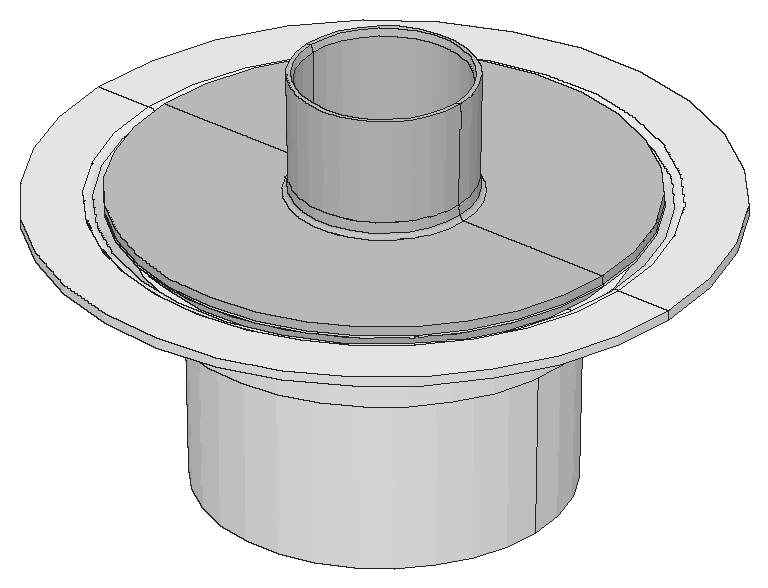
Revit family "3000.115 & 116 DPJ 65x150", category Plumbing Fixtures, Revit 2019
Family settings
  Round Connector Dimension = Use Diameter
  Part Type = Normal
  OmniClass Number = 23.45.00.00
  Work Plane-Based = No
  Always vertical = Yes
  Cut with Voids When Loaded = No
  Shared = No
  Room Calculation Point = No
Parameters (values of type "DPJ 65x150nv")
  Waste Connection = yes
  Vent Connection = no
  V = not(NV)  # no
  URL = "www.aquaknight.co.nz"
  Phone = "+6498322214"  # constant formula
  NV = yes
  Model = "3000.116"
  Manufacturer = "Aquanight Industries Ltd"  # constant formula
  Inlet = 27.5 mm
  HW Connection = no
  Email = "info@aquaknight.co.nz"  # constant formula
  Description = "DownPipe Junction 65x150 non-vented"
  CW Connection = no
Types (2, lengths in mm): name | V | NV | Model | Inlet | Description
  DPJ 65x150v | yes | no | "3000.115" | 25.5 | "DownPipe Junction 65x150 vented"
  DPJ 65x150nv | no | yes | "3000.116" | 27.5 | "DownPipe Junction 65x150 non-vented"
Reference planes
  plane 1 "Center (Front/Back)": y = 0
  plane 2: z = 0
  plane 3 "Center (Left/Right)": x = 0
  plane 4: z = -82.169
  plane 5: z = 27.5
Forms (mm)
  Revolve 1, solid, material "Plastic, Glossy White"
    sketch origin (0, 0, -4) x (1, 0, 0) y (0, 0, 1)
      loop
        line (100.065, -12.627) -> (84.899, -12.627) -> (84.899, -34.638) -> (78.498, -34.638)
        arc (78.498, -34.638) -> (74.999, -36.066) -> (73.499, -39.535) r 5
        line (73.499, -39.535) -> (71.887, -117.73) -> (75.352, -117.73) -> (76.937, -41.191)
        arc (76.937, -41.191) -> (77.704, -39.405) -> (79.503, -38.669) r 2.566
        line (79.503, -38.669) -> (88.828, -38.669) -> (88.828, -19.345) -> (100.327, -19.345)
        arc (100.327, -19.345) -> (102.992, -18.242) -> (104.095, -15.577) r 3.768
        line (104.095, -15.577) -> (104.095, -11.777) -> (115.842, -0.031) -> (141.078, -0.031) -> (141.078, 4) -> (116.336, 4)
        arc (116.336, 4) -> (114.328, 3.584) -> (112.65, 2.404) r 5.052
        line (112.65, 2.404) -> (100.065, -10.108) -> (100.065, -12.627)
      loop
        line (84.5, -5) -> (100.5, -5) -> (108.637, 3.137) -> (108.637, 4) -> (100.25, 4) -> (100.25, -0.5) -> (84.5, -0.5) -> (84.5, -5)
      axis (0, 4) -> (0, -117.73)
    angle from 0 to 360
  Extrusion 2, solid, material "Plastic, Glossy White", detail levels fine
    sketch origin (0, 0, -4) x (1, 0, 0) y (0, 1, 0)
      loop
        circle (67.55, 0) r 8.2
      loop
        circle (33.775, 58.5) r 8.2
      loop
        circle (33.775, -58.5) r 8.2
      loop
        circle (-67.55, 0) r 8.2
      loop
        circle (-33.775, 58.5) r 8.2
      loop
        circle (-33.775, -58.5) r 8.2
    from -38.379 to -12.5
  Extrusion 3, void
    sketch origin (0, -279.02, 0) x (1, 0, 0) y (0, 1, 0)
      loop
        arc (-7.008, 319.417) -> (-5.635, 318.478) -> (-4.58, 319.764) r 1.231
        line (-4.58, 319.764) -> (-5.899, 343.907)
        arc (-5.899, 343.907) -> (-9.212, 343.52) -> (-12.5, 342.964) r 65.154
        line (-12.5, 342.964) -> (-7.008, 319.417)
      loop
        arc (-13.917, 317.586) -> (-12.401, 316.9) -> (-11.586, 318.35) r 1.231
        line (-11.586, 318.35) -> (-17.077, 341.896)
        arc (-17.077, 341.896) -> (-20.272, 340.94) -> (-23.414, 339.822) r 65.154
        line (-23.414, 339.822) -> (-13.917, 317.586)
      loop
        arc (-26.268, 310.501) -> (-24.609, 310.374) -> (-24.338, 312.015) r 1.231
        line (-24.338, 312.015) -> (-37.552, 332.264)
        arc (-37.552, 332.264) -> (-40.227, 330.273) -> (-42.797, 328.147) r 65.154
        line (-42.797, 328.147) -> (-26.268, 310.501)
      loop
        arc (-31.336, 305.461) -> (-29.68, 305.624) -> (-29.698, 307.288) r 1.231
        line (-29.698, 307.288) -> (-46.227, 324.934)
        arc (-46.227, 324.934) -> (-48.516, 322.509) -> (-50.678, 319.969) r 65.154
        line (-50.678, 319.969) -> (-31.336, 305.461)
      loop
        arc (-20.402, 314.584) -> (-18.791, 314.171) -> (-18.239, 315.74) r 1.231
        line (-18.239, 315.74) -> (-27.736, 337.976)
        arc (-27.736, 337.976) -> (-30.716, 336.479) -> (-33.616, 334.832) r 65.154
        line (-33.616, 334.832) -> (-20.402, 314.584)
      loop
        arc (-35.451, 299.618) -> (-33.849, 300.066) -> (-34.156, 301.701) r 1.231
        line (-34.156, 301.701) -> (-53.498, 316.209)
        arc (-53.498, 316.209) -> (-55.331, 313.423) -> (-57.019, 310.547) r 65.154
        line (-57.019, 310.547) -> (-35.451, 299.618)
      loop
        arc (-38.489, 293.149) -> (-36.989, 293.869) -> (-37.575, 295.426) r 1.231
        line (-37.575, 295.426) -> (-59.143, 306.354)
        arc (-59.143, 306.354) -> (-60.464, 303.292) -> (-61.627, 300.167) r 65.154
        line (-61.627, 300.167) -> (-38.489, 293.149)
      loop
        arc (-41, 279.133) -> (-39.837, 280.322) -> (-40.92, 281.585) r 1.231
        line (-40.92, 281.585) -> (-64.925, 284.478)
        arc (-64.925, 284.478) -> (-65.119, 281.149) -> (-65.143, 277.814) r 65.154
        line (-65.143, 277.814) -> (-41, 279.133)
      loop
        arc (-40.397, 272.012) -> (-39.458, 273.385) -> (-40.744, 274.44) r 1.231
        line (-40.744, 274.44) -> (-64.887, 273.121)
        arc (-64.887, 273.121) -> (-64.5, 269.808) -> (-63.944, 266.52) r 65.154
        line (-63.944, 266.52) -> (-40.397, 272.012)
      loop
        arc (-40.358, 286.251) -> (-39.006, 287.22) -> (-39.853, 288.652) r 1.231
        line (-39.853, 288.652) -> (-62.991, 295.669)
        arc (-62.991, 295.669) -> (-63.761, 292.424) -> (-64.363, 289.144) r 65.154
        line (-64.363, 289.144) -> (-40.358, 286.251)
      loop
        arc (-38.566, 265.103) -> (-37.88, 266.619) -> (-39.33, 267.435) r 1.231
        line (-39.33, 267.435) -> (-62.876, 261.943)
        arc (-62.876, 261.943) -> (-61.92, 258.748) -> (-60.802, 255.606) r 65.154
        line (-60.802, 255.606) -> (-38.566, 265.103)
      loop
        arc (-35.564, 258.618) -> (-35.151, 260.229) -> (-36.72, 260.781) r 1.231
        line (-36.72, 260.781) -> (-58.956, 251.284)
        arc (-58.956, 251.284) -> (-57.459, 248.304) -> (-55.812, 245.404) r 65.154
        line (-55.812, 245.404) -> (-35.564, 258.618)
      loop
        arc (-26.441, 247.684) -> (-26.604, 249.34) -> (-28.268, 249.322) r 1.231
        line (-28.268, 249.322) -> (-45.914, 232.793)
        arc (-45.914, 232.793) -> (-43.489, 230.504) -> (-40.949, 228.342) r 65.154
        line (-40.949, 228.342) -> (-26.441, 247.684)
      loop
        arc (-20.598, 243.569) -> (-21.046, 245.171) -> (-22.681, 244.864) r 1.231
        line (-22.681, 244.864) -> (-37.189, 225.522)
        arc (-37.189, 225.522) -> (-34.403, 223.689) -> (-31.527, 222.001) r 65.154
        line (-31.527, 222.001) -> (-20.598, 243.569)
      loop
        arc (-31.481, 252.752) -> (-31.354, 254.411) -> (-32.995, 254.682) r 1.231
        line (-32.995, 254.682) -> (-53.244, 241.468)
        arc (-53.244, 241.468) -> (-51.253, 238.793) -> (-49.127, 236.223) r 65.154
        line (-49.127, 236.223) -> (-31.481, 252.752)
      loop
        arc (-14.129, 240.531) -> (-14.849, 242.031) -> (-16.406, 241.445) r 1.231
        line (-16.406, 241.445) -> (-27.334, 219.877)
        arc (-27.334, 219.877) -> (-24.272, 218.556) -> (-21.147, 217.393) r 65.154
        line (-21.147, 217.393) -> (-14.129, 240.531)
      loop
        arc (-7.231, 238.662) -> (-8.2, 240.014) -> (-9.632, 239.167) r 1.231
        line (-9.632, 239.167) -> (-16.649, 216.029)
        arc (-16.649, 216.029) -> (-13.404, 215.26) -> (-10.124, 214.657) r 65.154
        line (-10.124, 214.657) -> (-7.231, 238.662)
      loop
        arc (7.008, 238.623) -> (5.635, 239.562) -> (4.58, 238.276) r 1.231
        line (4.58, 238.276) -> (5.899, 214.133)
        arc (5.899, 214.133) -> (9.212, 214.52) -> (12.5, 215.076) r 65.154
        line (12.5, 215.076) -> (7.008, 238.623)
      loop
        arc (13.917, 240.454) -> (12.401, 241.14) -> (11.586, 239.69) r 1.231
        line (11.586, 239.69) -> (17.077, 216.144)
        arc (17.077, 216.144) -> (20.272, 217.1) -> (23.414, 218.218) r 65.154
        line (23.414, 218.218) -> (13.917, 240.454)
      loop
        arc (-0.113, 238.02) -> (-1.302, 239.183) -> (-2.565, 238.1) r 1.231
        line (-2.565, 238.1) -> (-5.458, 214.095)
        arc (-5.458, 214.095) -> (-2.129, 213.901) -> (1.206, 213.877) r 65.154
        line (1.206, 213.877) -> (-0.113, 238.02)
      loop
        arc (20.402, 243.456) -> (18.791, 243.869) -> (18.239, 242.3) r 1.231
        line (18.239, 242.3) -> (27.736, 220.064)
        arc (27.736, 220.064) -> (30.716, 221.561) -> (33.616, 223.208) r 65.154
        line (33.616, 223.208) -> (20.402, 243.456)
      loop
        arc (26.268, 247.539) -> (24.609, 247.666) -> (24.338, 246.025) r 1.231
        line (24.338, 246.025) -> (37.552, 225.776)
        arc (37.552, 225.776) -> (40.227, 227.767) -> (42.797, 229.893) r 65.154
        line (42.797, 229.893) -> (26.268, 247.539)
      loop
        arc (35.451, 258.422) -> (33.849, 257.974) -> (34.156, 256.339) r 1.231
        line (34.156, 256.339) -> (53.498, 241.831)
        arc (53.498, 241.831) -> (55.331, 244.617) -> (57.019, 247.493) r 65.154
        line (57.019, 247.493) -> (35.451, 258.422)
      loop
        arc (38.489, 264.891) -> (36.989, 264.171) -> (37.575, 262.614) r 1.231
        line (37.575, 262.614) -> (59.143, 251.686)
        arc (59.143, 251.686) -> (60.464, 254.748) -> (61.627, 257.873) r 65.154
        line (61.627, 257.873) -> (38.489, 264.891)
      loop
        arc (31.336, 252.579) -> (29.68, 252.416) -> (29.698, 250.752) r 1.231
        line (29.698, 250.752) -> (46.227, 233.106)
        arc (46.227, 233.106) -> (48.516, 235.532) -> (50.678, 238.071) r 65.154
        line (50.678, 238.071) -> (31.336, 252.579)
      loop
        arc (40.358, 271.789) -> (39.006, 270.82) -> (39.853, 269.389) r 1.231
        line (39.853, 269.389) -> (62.991, 262.371)
        arc (62.991, 262.371) -> (63.761, 265.616) -> (64.363, 268.896) r 65.154
        line (64.363, 268.896) -> (40.358, 271.789)
      loop
        arc (41, 278.907) -> (39.837, 277.718) -> (40.92, 276.455) r 1.231
        line (40.92, 276.455) -> (64.925, 273.562)
        arc (64.925, 273.562) -> (65.119, 276.892) -> (65.143, 280.226) r 65.154
        line (65.143, 280.226) -> (41, 278.907)
      loop
        arc (38.566, 292.937) -> (37.88, 291.422) -> (39.33, 290.606) r 1.231
        line (39.33, 290.606) -> (62.876, 296.097)
        arc (62.876, 296.097) -> (61.92, 299.292) -> (60.802, 302.434) r 65.154
        line (60.802, 302.434) -> (38.566, 292.937)
      loop
        arc (35.564, 299.422) -> (35.151, 297.811) -> (36.72, 297.259) r 1.231
        line (36.72, 297.259) -> (58.956, 306.756)
        arc (58.956, 306.756) -> (57.459, 309.736) -> (55.812, 312.636) r 65.154
        line (55.812, 312.636) -> (35.564, 299.422)
      loop
        arc (40.397, 286.028) -> (39.458, 284.655) -> (40.744, 283.6) r 1.231
        line (40.744, 283.6) -> (64.887, 284.919)
        arc (64.887, 284.919) -> (64.5, 288.232) -> (63.944, 291.52) r 65.154
        line (63.944, 291.52) -> (40.397, 286.028)
      loop
        arc (31.481, 305.288) -> (31.354, 303.629) -> (32.995, 303.358) r 1.231
        line (32.995, 303.358) -> (53.244, 316.572)
        arc (53.244, 316.572) -> (51.253, 319.247) -> (49.127, 321.817) r 65.154
        line (49.127, 321.817) -> (31.481, 305.288)
      loop
        arc (26.441, 310.356) -> (26.604, 308.7) -> (28.268, 308.718) r 1.231
        line (28.268, 308.718) -> (45.914, 325.247)
        arc (45.914, 325.247) -> (43.489, 327.536) -> (40.949, 329.698) r 65.154
        line (40.949, 329.698) -> (26.441, 310.356)
      loop
        arc (14.129, 317.509) -> (14.849, 316.009) -> (16.406, 316.595) r 1.231
        line (16.406, 316.595) -> (27.334, 338.163)
        arc (27.334, 338.163) -> (24.272, 339.484) -> (21.147, 340.647) r 65.154
        line (21.147, 340.647) -> (14.129, 317.509)
      loop
        arc (7.231, 319.378) -> (8.2, 318.026) -> (9.632, 318.873) r 1.231
        line (9.632, 318.873) -> (16.649, 342.011)
        arc (16.649, 342.011) -> (13.404, 342.781) -> (10.124, 343.383) r 65.154
        line (10.124, 343.383) -> (7.231, 319.378)
      loop
        arc (20.598, 314.471) -> (21.046, 312.869) -> (22.681, 313.176) r 1.231
        line (22.681, 313.176) -> (37.189, 332.518)
        arc (37.189, 332.518) -> (34.403, 334.351) -> (31.527, 336.039) r 65.154
        line (31.527, 336.039) -> (20.598, 314.471)
      loop
        arc (0.113, 320.02) -> (1.302, 318.857) -> (2.565, 319.94) r 1.231
        line (2.565, 319.94) -> (5.458, 343.945)
        arc (5.458, 343.945) -> (2.129, 344.139) -> (-1.206, 344.163) r 65.154
        line (-1.206, 344.163) -> (0.113, 320.02)
    from -4 to 0
  Revolve 4, solid, visible <- "V"
    sketch origin (0, 0, 0) x (1, 0, 0) y (0, 0, 1)
      loop
        line (35.265, 47.895) -> (34.646, 0.577)
        arc (34.646, 0.577) -> (34.512, -0.061) -> (34.149, -0.601) r 1.698
        line (34.149, -0.601) -> (31.114, -3.636) -> (30.815, -7.06) -> (30.901, -8.048) -> (32.328, -8.048) -> (35.18, -4.5) -> (99.5, -4.5) -> (99.5, -0.5) -> (39.535, -0.5)
        arc (39.535, -0.5) -> (38.124, 0.07) -> (37.505, 1.46) r 2.031
        line (37.505, 1.46) -> (37.316, 5.895) -> (37.905, 50.895) -> (36.111, 50.895) -> (35.265, 47.895)
      axis (0, 50.895) -> (0, -8.048)
    angle from 0 to 360
  Revolve 5, solid, material "Stainless Steel", visible <- "NV"
    sketch origin (0, 0, 0) x (1, 0, 0) y (0, 0, 1)
      loop
        line (-37.905, 55.395) -> (-37.316, 10.395) -> (-37.51, 5.83)
        arc (-37.51, 5.83) -> (-38.119, 4.461) -> (-39.508, 3.9) r 2
        line (-39.508, 3.9) -> (-108.5, 3.9) -> (-108.5, 0) -> (-35.187, 0) -> (-32.109, -3.54) -> (-31.114, -3.54) -> (-31.114, 0.864) -> (-34.637, 4.387) -> (-35.265, 52.395) -> (-36.111, 55.395) -> (-37.905, 55.395)
      axis (0, 55.395) -> (0, -3.54)
    angle from 0 to 360
  Extrusion 6, void
    sketch origin (-225, -279.02, 0) x (1, 0, 0) y (0, 1, 0)
      loop
        arc (208.456, 346.887) -> (210.622, 347.379) -> (212.803, 347.801) r 69.854
        line (212.803, 347.801) -> (209.225, 372.853)
        arc (209.225, 372.853) -> (205.416, 372.133) -> (201.639, 371.258) r 95.15
        line (201.639, 371.258) -> (208.456, 346.887)
      loop
        arc (199.739, 344.147) -> (201.823, 344.917) -> (203.93, 345.621) r 69.854
        line (203.93, 345.621) -> (197.112, 369.992)
        arc (197.112, 369.992) -> (193.43, 368.78) -> (189.799, 367.419) r 95.15
        line (189.799, 367.419) -> (199.739, 344.147)
      loop
        arc (191.454, 340.292) -> (193.42, 341.328) -> (195.417, 342.301) r 69.854
        line (195.417, 342.301) -> (185.477, 365.573)
        arc (185.477, 365.573) -> (181.984, 363.891) -> (178.562, 362.068) r 95.15
        line (178.562, 362.068) -> (191.454, 340.292)
      loop
        arc (183.744, 335.39) -> (185.557, 336.673) -> (187.41, 337.898) r 69.854
        line (187.41, 337.898) -> (174.518, 359.674)
        arc (174.518, 359.674) -> (171.274, 357.55) -> (168.119, 355.296) r 95.15
        line (168.119, 355.296) -> (183.744, 335.39)
      loop
        arc (176.739, 329.522) -> (178.369, 331.031) -> (180.047, 332.488) r 69.854
        line (180.047, 332.488) -> (164.422, 352.395)
        arc (164.422, 352.395) -> (161.483, 349.866) -> (158.65, 347.219) r 95.15
        line (158.65, 347.219) -> (176.739, 329.522)
      loop
        arc (170.56, 322.791) -> (171.979, 324.5) -> (173.452, 326.163) r 69.854
        line (173.452, 326.163) -> (155.363, 343.86)
        arc (155.363, 343.86) -> (152.779, 340.969) -> (150.315, 337.976) r 95.15
        line (150.315, 337.976) -> (170.56, 322.791)
      loop
        arc (165.312, 315.311) -> (166.497, 317.19) -> (167.74, 319.031) r 69.854
        line (167.74, 319.031) -> (147.495, 334.216)
        arc (147.495, 334.216) -> (145.311, 331.012) -> (143.259, 327.723) r 95.15
        line (143.259, 327.723) -> (165.312, 315.311)
      loop
        arc (161.086, 307.209) -> (162.015, 309.227) -> (163.007, 311.215) r 69.854
        line (163.007, 311.215) -> (140.954, 323.627)
        arc (140.954, 323.627) -> (139.206, 320.166) -> (137.601, 316.637) r 95.15
        line (137.601, 316.637) -> (161.086, 307.209)
      loop
        arc (157.954, 298.626) -> (158.611, 300.748) -> (159.335, 302.848) r 69.854
        line (159.335, 302.848) -> (135.851, 312.275)
        arc (135.851, 312.275) -> (134.57, 308.616) -> (133.439, 304.907) r 95.15
        line (133.439, 304.907) -> (157.954, 298.626)
      loop
        arc (155.968, 289.707) -> (156.343, 291.896) -> (156.787, 294.073) r 69.854
        line (156.787, 294.073) -> (132.273, 300.354)
        arc (132.273, 300.354) -> (131.48, 296.559) -> (130.844, 292.735) r 95.15
        line (130.844, 292.735) -> (155.968, 289.707)
      loop
        arc (155.164, 280.605) -> (155.25, 282.825) -> (155.406, 285.041) r 69.854
        line (155.406, 285.041) -> (130.281, 288.069)
        arc (130.281, 288.069) -> (129.991, 284.202) -> (129.859, 280.327) r 95.15
        line (129.859, 280.327) -> (155.164, 280.605)
      loop
        arc (155.554, 271.476) -> (155.35, 273.688) -> (155.215, 275.905) r 69.854
        line (155.215, 275.905) -> (129.91, 275.628)
        arc (129.91, 275.628) -> (130.128, 271.757) -> (130.502, 267.898) r 95.15
        line (130.502, 267.898) -> (155.554, 271.476)
      loop
        arc (157.133, 262.476) -> (156.642, 264.642) -> (156.219, 266.823) r 69.854
        line (156.219, 266.823) -> (131.167, 263.245)
        arc (131.167, 263.245) -> (131.887, 259.436) -> (132.762, 255.659) r 95.15
        line (132.762, 255.659) -> (157.133, 262.476)
      loop
        arc (159.873, 253.759) -> (159.103, 255.843) -> (158.399, 257.95) r 69.854
        line (158.399, 257.95) -> (134.029, 251.132)
        arc (134.029, 251.132) -> (135.24, 247.45) -> (136.601, 243.819) r 95.15
        line (136.601, 243.819) -> (159.873, 253.759)
      loop
        arc (163.728, 245.474) -> (162.692, 247.44) -> (161.719, 249.437) r 69.854
        line (161.719, 249.437) -> (138.447, 239.497)
        arc (138.447, 239.497) -> (140.129, 236.004) -> (141.952, 232.582) r 95.15
        line (141.952, 232.582) -> (163.728, 245.474)
      loop
        arc (168.631, 237.764) -> (167.347, 239.577) -> (166.122, 241.43) r 69.854
        line (166.122, 241.43) -> (144.346, 228.538)
        arc (144.346, 228.538) -> (146.47, 225.294) -> (148.724, 222.139) r 95.15
        line (148.724, 222.139) -> (168.631, 237.764)
      loop
        arc (174.498, 230.759) -> (172.989, 232.389) -> (171.532, 234.067) r 69.854
        line (171.532, 234.067) -> (151.625, 218.442)
        arc (151.625, 218.442) -> (154.154, 215.503) -> (156.801, 212.67) r 95.15
        line (156.801, 212.67) -> (174.498, 230.759)
      loop
        arc (181.229, 224.58) -> (179.52, 225.999) -> (177.857, 227.472) r 69.854
        line (177.857, 227.472) -> (160.16, 209.383)
        arc (160.16, 209.383) -> (163.051, 206.799) -> (166.045, 204.335) r 95.15
        line (166.045, 204.335) -> (181.229, 224.58)
      loop
        arc (188.709, 219.333) -> (186.83, 220.517) -> (184.989, 221.76) r 69.854
        line (184.989, 221.76) -> (169.804, 201.515)
        arc (169.804, 201.515) -> (173.008, 199.331) -> (176.297, 197.279) r 95.15
        line (176.297, 197.279) -> (188.709, 219.333)
      loop
        arc (196.811, 215.106) -> (194.793, 216.035) -> (192.805, 217.027) r 69.854
        line (192.805, 217.027) -> (180.393, 194.974)
        arc (180.393, 194.974) -> (183.854, 193.227) -> (187.383, 191.622) r 95.15
        line (187.383, 191.622) -> (196.811, 215.106)
      loop
        arc (205.394, 211.974) -> (203.272, 212.631) -> (201.172, 213.355) r 69.854
        line (201.172, 213.355) -> (191.745, 189.871)
        arc (191.745, 189.871) -> (195.404, 188.59) -> (199.113, 187.459) r 95.15
        line (199.113, 187.459) -> (205.394, 211.974)
      loop
        arc (214.313, 209.988) -> (212.124, 210.363) -> (209.947, 210.807) r 69.854
        line (209.947, 210.807) -> (203.666, 186.293)
        arc (203.666, 186.293) -> (207.461, 185.5) -> (211.285, 184.864) r 95.15
        line (211.285, 184.864) -> (214.313, 209.988)
      loop
        arc (223.415, 209.184) -> (221.195, 209.27) -> (218.979, 209.426) r 69.854
        line (218.979, 209.426) -> (215.951, 184.301)
        arc (215.951, 184.301) -> (219.818, 184.011) -> (223.693, 183.879) r 95.15
        line (223.693, 183.879) -> (223.415, 209.184)
      loop
        arc (232.544, 209.574) -> (230.332, 209.37) -> (228.115, 209.235) r 69.854
        line (228.115, 209.235) -> (228.392, 183.93)
        arc (228.392, 183.93) -> (232.263, 184.148) -> (236.122, 184.522) r 95.15
        line (236.122, 184.522) -> (232.544, 209.574)
      loop
        arc (241.544, 211.153) -> (239.378, 210.662) -> (237.197, 210.239) r 69.854
        line (237.197, 210.239) -> (240.775, 185.187)
        arc (240.775, 185.187) -> (244.584, 185.907) -> (248.361, 186.782) r 95.15
        line (248.361, 186.782) -> (241.544, 211.153)
      loop
        arc (250.261, 213.893) -> (248.177, 213.123) -> (246.07, 212.419) r 69.854
        line (246.07, 212.419) -> (252.888, 188.049)
        arc (252.888, 188.049) -> (256.57, 189.26) -> (260.201, 190.621) r 95.15
        line (260.201, 190.621) -> (250.261, 213.893)
      loop
        arc (258.546, 217.748) -> (256.58, 216.712) -> (254.583, 215.739) r 69.854
        line (254.583, 215.739) -> (264.523, 192.467)
        arc (264.523, 192.467) -> (268.016, 194.149) -> (271.438, 195.972) r 95.15
        line (271.438, 195.972) -> (258.546, 217.748)
      loop
        arc (266.256, 222.651) -> (264.443, 221.367) -> (262.59, 220.142) r 69.854
        line (262.59, 220.142) -> (275.482, 198.366)
        arc (275.482, 198.366) -> (278.726, 200.49) -> (281.881, 202.744) r 95.15
        line (281.881, 202.744) -> (266.256, 222.651)
      loop
        arc (273.261, 228.518) -> (271.631, 227.009) -> (269.953, 225.552) r 69.854
        line (269.953, 225.552) -> (285.578, 205.645)
        arc (285.578, 205.645) -> (288.517, 208.174) -> (291.35, 210.821) r 95.15
        line (291.35, 210.821) -> (273.261, 228.518)
      loop
        arc (279.44, 235.249) -> (278.021, 233.54) -> (276.548, 231.877) r 69.854
        line (276.548, 231.877) -> (294.637, 214.18)
        arc (294.637, 214.18) -> (297.221, 217.071) -> (299.685, 220.065) r 95.15
        line (299.685, 220.065) -> (279.44, 235.249)
      loop
        arc (284.688, 242.73) -> (283.503, 240.85) -> (282.26, 239.009) r 69.854
        line (282.26, 239.009) -> (302.505, 223.824)
        arc (302.505, 223.824) -> (304.689, 227.028) -> (306.741, 230.317) r 95.15
        line (306.741, 230.317) -> (284.688, 242.73)
      loop
        arc (288.914, 250.831) -> (287.985, 248.813) -> (286.993, 246.825) r 69.854
        line (286.993, 246.825) -> (309.046, 234.413)
        arc (309.046, 234.413) -> (310.794, 237.874) -> (312.399, 241.403) r 95.15
        line (312.399, 241.403) -> (288.914, 250.831)
      loop
        arc (275.502, 327.281) -> (277.011, 325.651) -> (278.468, 323.973) r 69.854
        line (278.468, 323.973) -> (298.375, 339.598)
        arc (298.375, 339.598) -> (295.846, 342.537) -> (293.199, 345.37) r 95.15
        line (293.199, 345.37) -> (275.502, 327.281)
      loop
        arc (268.771, 333.46) -> (270.48, 332.041) -> (272.143, 330.568) r 69.854
        line (272.143, 330.568) -> (289.84, 348.657)
        arc (289.84, 348.657) -> (286.949, 351.241) -> (283.955, 353.705) r 95.15
        line (283.955, 353.705) -> (268.771, 333.46)
      loop
        arc (261.291, 338.708) -> (263.17, 337.523) -> (265.011, 336.28) r 69.854
        line (265.011, 336.28) -> (280.196, 356.525)
        arc (280.196, 356.525) -> (276.992, 358.709) -> (273.703, 360.761) r 95.15
        line (273.703, 360.761) -> (261.291, 338.708)
      loop
        arc (253.189, 342.934) -> (255.207, 342.005) -> (257.195, 341.013) r 69.854
        line (257.195, 341.013) -> (269.607, 363.066)
        arc (269.607, 363.066) -> (266.146, 364.814) -> (262.617, 366.419) r 95.15
        line (262.617, 366.419) -> (253.189, 342.934)
      loop
        arc (244.606, 346.066) -> (246.728, 345.409) -> (248.828, 344.685) r 69.854
        line (248.828, 344.685) -> (258.255, 368.169)
        arc (258.255, 368.169) -> (254.596, 369.45) -> (250.887, 370.581) r 95.15
        line (250.887, 370.581) -> (244.606, 346.066)
      loop
        arc (235.687, 348.052) -> (237.876, 347.677) -> (240.053, 347.233) r 69.854
        line (240.053, 347.233) -> (246.334, 371.747)
        arc (246.334, 371.747) -> (242.539, 372.54) -> (238.715, 373.177) r 95.15
        line (238.715, 373.177) -> (235.687, 348.052)
      loop
        arc (226.585, 348.856) -> (228.805, 348.77) -> (231.021, 348.614) r 69.854
        line (231.021, 348.614) -> (234.049, 373.739)
        arc (234.049, 373.739) -> (230.182, 374.029) -> (226.307, 374.161) r 95.15
        line (226.307, 374.161) -> (226.585, 348.856)
      loop
        arc (217.456, 348.466) -> (219.668, 348.67) -> (221.885, 348.805) r 69.854
        line (221.885, 348.805) -> (221.608, 374.11)
        arc (221.608, 374.11) -> (217.737, 373.892) -> (213.878, 373.518) r 95.15
        line (213.878, 373.518) -> (217.456, 348.466)
      loop
        arc (292.046, 259.414) -> (291.389, 257.292) -> (290.665, 255.192) r 69.854
        line (290.665, 255.192) -> (314.149, 245.765)
        arc (314.149, 245.765) -> (315.43, 249.424) -> (316.561, 253.133) r 95.15
        line (316.561, 253.133) -> (292.046, 259.414)
      loop
        arc (294.032, 268.333) -> (293.657, 266.144) -> (293.213, 263.967) r 69.854
        line (293.213, 263.967) -> (317.727, 257.686)
        arc (317.727, 257.686) -> (318.52, 261.481) -> (319.156, 265.305) r 95.15
        line (319.156, 265.305) -> (294.032, 268.333)
      loop
        arc (294.836, 277.435) -> (294.75, 275.215) -> (294.594, 273) r 69.854
        line (294.594, 273) -> (319.719, 269.972)
        arc (319.719, 269.972) -> (320.009, 273.838) -> (320.141, 277.713) r 95.15
        line (320.141, 277.713) -> (294.836, 277.435)
      loop
        arc (294.446, 286.564) -> (294.65, 284.352) -> (294.785, 282.135) r 69.854
        line (294.785, 282.135) -> (320.09, 282.412)
        arc (320.09, 282.412) -> (319.872, 286.283) -> (319.498, 290.142) r 95.15
        line (319.498, 290.142) -> (294.446, 286.564)
      loop
        arc (292.867, 295.564) -> (293.358, 293.398) -> (293.781, 291.217) r 69.854
        line (293.781, 291.217) -> (318.833, 294.795)
        arc (318.833, 294.795) -> (318.113, 298.604) -> (317.238, 302.381) r 95.15
        line (317.238, 302.381) -> (292.867, 295.564)
      loop
        arc (290.127, 304.281) -> (290.897, 302.197) -> (291.601, 300.09) r 69.854
        line (291.601, 300.09) -> (315.971, 306.908)
        arc (315.971, 306.908) -> (314.76, 310.591) -> (313.399, 314.221) r 95.15
        line (313.399, 314.221) -> (290.127, 304.281)
      loop
        arc (286.272, 312.566) -> (287.308, 310.6) -> (288.281, 308.603) r 69.854
        line (288.281, 308.603) -> (311.553, 318.543)
        arc (311.553, 318.543) -> (309.871, 322.036) -> (308.048, 325.458) r 95.15
        line (308.048, 325.458) -> (286.272, 312.566)
      loop
        arc (281.369, 320.276) -> (282.653, 318.463) -> (283.878, 316.61) r 69.854
        line (283.878, 316.61) -> (305.654, 329.503)
        arc (305.654, 329.503) -> (303.53, 332.746) -> (301.276, 335.901) r 95.15
        line (301.276, 335.901) -> (281.369, 320.276)
    from -4 to 0
Cuts and joins
  Extrusion 3, Extrusion 6 cuts Revolve 4
  Extrusion 6 cuts Revolve 5
Lines and regions (mm)
  Masking region 1
    outline origin (0, 0, 0) x (1, 0, 0) y (0, 1, 0)
      loop
        circle (0, 0) r 141.078
  symbolic lines, detail levels fine
    curve 1: circle (0, 132.524, 0) r 4.294 normal (0, 0, 1)
    curve 2: circle (-93.709, 93.709, 0) r 4.294 normal (0, 0, 1)
    curve 3: circle (-132.524, 0, 0) r 4.294 normal (0, 0, 1)
    curve 4: circle (-93.709, -93.709, 0) r 4.294 normal (0, 0, 1)
    curve 5: circle (0, -132.524, 0) r 4.294 normal (0, 0, 1)
    curve 6: circle (93.709, -93.709, 0) r 4.294 normal (0, 0, 1)
    curve 7: circle (132.524, 0, 0) r 4.294 normal (0, 0, 1)
    curve 8: circle (93.709, 93.709, 0) r 4.294 normal (0, 0, 1)
  symbolic lines
    curve 9: circle (0, 0, 0) r 32.5 normal (0, 0, 1)
    curve 12: circle (0, 0, 0) r 115.842 normal (0, 0, 1)
  symbolic lines, visible <- "V"
    curve 10: circle (0, 0, 0) r 41.001 normal (0, 0, 1)
    curve 11: circle (0, 0, 0) r 95.15 normal (0, 0, 1)
Dimensions and locks
  locked: connector elem to plane 1 "Center (Front/Back)" at 0
  locked: connector elem to plane 3 "Center (Left/Right)" at 0
  "Inlet": plane 5 to level
  cut or joined group of Revolve 5, Extrusion 6 to level = 55.395 mm
  cut or joined group of Extrusion 3, Revolve 4, Extrusion 6 to level = 50.895 mm
  locked: connector elem to plane 1 "Center (Front/Back)"
  aligned and locked: level to plane 2
  aligned and locked: Revolve 4 sketch curve to plane 3 "Center (Left/Right)"
  aligned and locked: Revolve 5 sketch curve to plane 3 "Center (Left/Right)"
Automatic sketch dimensions
  Revolve 1 sketch curve to plane 3 "Center (Left/Right)" = 0 mm
  Revolve 1 sketch curve to level = 0 mm  (x2)
  Revolve 1 sketch curve to plane 4 = 39.561 mm
  plane 3 "Center (Left/Right)" to Revolve 1 sketch curve = 71.887 mm
  plane 3 "Center (Left/Right)" to Revolve 1 sketch curve = 73.499 mm
  Revolve 1 sketch curve to Revolve 1 sketch curve = 3.466 mm
  Revolve 1 sketch curve to Revolve 1 sketch curve = 3.439 mm
  Revolve 1 sketch curve to Revolve 1 sketch curve = 1.561 mm
  Revolve 1 sketch curve to Revolve 1 sketch curve = 1.005 mm
  Revolve 1 sketch curve to level = 4.5 mm
  Revolve 1 sketch curve to Revolve 1 sketch curve = 6.002 mm
  Revolve 1 sketch curve to Revolve 1 sketch curve = 6.401 mm
  Revolve 1 sketch curve to Revolve 1 sketch curve = 3.929 mm
  Revolve 1 sketch curve to Revolve 1 sketch curve = 11.237 mm
  Revolve 1 sketch curve to Revolve 1 sketch curve = 0.185 mm
  Revolve 1 sketch curve to Revolve 1 sketch curve = 0.263 mm
  Revolve 1 sketch curve to Revolve 1 sketch curve = 0.25 mm
  Revolve 1 sketch curve to Revolve 1 sketch curve = 4.031 mm
  Revolve 1 sketch curve to level = 0.863 mm
  Revolve 1 sketch curve to Revolve 1 sketch curve = 8.387 mm
  Revolve 1 sketch curve to level = 1.596 mm
  Revolve 1 sketch curve to Revolve 1 sketch curve = 4.013 mm
  Revolve 1 sketch curve to Revolve 1 sketch curve = 3.192 mm
  Revolve 1 sketch curve to Revolve 1 sketch curve = 0.494 mm
  Revolve 1 sketch curve to level = 4.031 mm
  Revolve 1 sketch curve to Revolve 1 sketch curve = 24.742 mm
  Revolve 1 sketch curve to Revolve 1 sketch curve = 40.735 mm
  Revolve 1 sketch curve to Revolve 1 sketch curve = 0.044 mm
  Revolve 1 sketch curve to Revolve 1 sketch curve = 0.969 mm
  Revolve 1 sketch curve to Revolve 1 sketch curve = 18.845 mm
  Revolve 1 sketch curve to Revolve 1 sketch curve = 6.718 mm
  Revolve 1 sketch curve to Revolve 1 sketch curve = 3.8 mm
  Revolve 1 sketch curve to Revolve 1 sketch curve = 2.519 mm
  Revolve 1 sketch curve to Revolve 1 sketch curve = 4.5 mm
  Revolve 1 sketch curve to Revolve 1 sketch curve = 322.37 mm
  level to Revolve 1 sketch curve = 2441.244 mm
  plane 1 "Center (Front/Back)" to Extrusion 2 sketch curve = 0 mm  (x2)
  Extrusion 2 sketch curve to plane 3 "Center (Left/Right)" = 67.55 mm
  Extrusion 2 sketch curve to plane 3 "Center (Left/Right)" = 33.775 mm  (x2)
  plane 3 "Center (Left/Right)" to Extrusion 2 sketch curve = 33.775 mm  (x2)
  Extrusion 2 sketch curve to Extrusion 2 sketch curve = 33.775 mm
  plane 1 "Center (Front/Back)" to Extrusion 2 sketch curve = 58.5 mm  (x2)
  Extrusion 2 sketch curve to plane 1 "Center (Front/Back)" = 58.5 mm  (x2)
  Extrusion 3 sketch curve to Extrusion 3 sketch curve = 0 mm  (x70)
  plane 1 "Center (Front/Back)" to Extrusion 3 sketch curve = 0 mm
  Extrusion 3 sketch curve to plane 3 "Center (Left/Right)" = 0 mm
  Extrusion 3 sketch curve to plane 3 "Center (Left/Right)" = 0.113 mm
  Extrusion 3 sketch curve to plane 3 "Center (Left/Right)" = 1.206 mm
  Extrusion 3 sketch curve to Extrusion 3 sketch curve = 1.229 mm  (x4)
  Extrusion 3 sketch curve to Extrusion 3 sketch curve = 1.222 mm  (x4)
  Extrusion 3 sketch curve to plane 3 "Center (Left/Right)" = 4.58 mm
  Extrusion 3 sketch curve to plane 3 "Center (Left/Right)" = 5.458 mm
  Extrusion 3 sketch curve to Extrusion 3 sketch curve = 4.693 mm  (x2)
  Extrusion 3 sketch curve to Extrusion 3 sketch curve = 1.199 mm  (x4)
  Extrusion 3 sketch curve to Extrusion 3 sketch curve = 4.666 mm  (x4)
  Extrusion 3 sketch curve to Extrusion 3 sketch curve = 1.178 mm  (x4)
  Extrusion 3 sketch curve to Extrusion 3 sketch curve = 4.577 mm  (x4)
  Extrusion 3 sketch curve to Extrusion 3 sketch curve = 1.132 mm  (x5)
  Extrusion 3 sketch curve to Extrusion 3 sketch curve = 4.498 mm  (x4)
  Extrusion 3 sketch curve to Extrusion 3 sketch curve = 1.098 mm  (x5)
  Extrusion 3 sketch curve to Extrusion 3 sketch curve = 4.322 mm  (x4)
  Extrusion 3 sketch curve to Extrusion 3 sketch curve = 1.031 mm  (x5)
  Extrusion 3 sketch curve to Extrusion 3 sketch curve = 4.192 mm  (x4)
  Extrusion 3 sketch curve to Extrusion 3 sketch curve = 0.985 mm  (x5)
  Extrusion 3 sketch curve to Extrusion 3 sketch curve = 3.936 mm  (x6)
  Extrusion 3 sketch curve to Extrusion 3 sketch curve = 0.899 mm  (x6)
  Extrusion 3 sketch curve to Extrusion 3 sketch curve = 3.76 mm  (x6)
  Extrusion 3 sketch curve to Extrusion 3 sketch curve = 6.188 mm  (x2)
  Extrusion 3 sketch curve to Extrusion 3 sketch curve = 0.842 mm  (x6)
  Extrusion 3 sketch curve to Extrusion 3 sketch curve = 3.43 mm  (x8)
  Extrusion 3 sketch curve to Extrusion 3 sketch curve = 0.739 mm  (x6)
  Extrusion 3 sketch curve to Extrusion 3 sketch curve = 3.213 mm  (x8)
  Extrusion 3 sketch curve to Extrusion 3 sketch curve = 0.673 mm  (x6)
  Extrusion 3 sketch curve to Extrusion 3 sketch curve = 2.82 mm  (x8)
  Extrusion 3 sketch curve to plane 1 "Center (Front/Back)" = 20.598 mm
  Extrusion 3 sketch curve to Extrusion 3 sketch curve = 0.557 mm  (x6)
  Extrusion 3 sketch curve to Extrusion 3 sketch curve = 2.569 mm  (x8)
  plane 1 "Center (Front/Back)" to Extrusion 3 sketch curve = 18.239 mm
  Extrusion 3 sketch curve to Extrusion 3 sketch curve = 0.484 mm  (x6)
  Extrusion 3 sketch curve to plane 1 "Center (Front/Back)" = 16.406 mm
  Extrusion 3 sketch curve to Extrusion 3 sketch curve = 2.124 mm  (x8)
  Extrusion 3 sketch curve to plane 1 "Center (Front/Back)" = 14.129 mm
  Extrusion 3 sketch curve to Extrusion 3 sketch curve = 0.357 mm  (x6)
  plane 1 "Center (Front/Back)" to Extrusion 3 sketch curve = 13.917 mm
  Extrusion 3 sketch curve to Extrusion 3 sketch curve = 1.846 mm  (x8)
  plane 1 "Center (Front/Back)" to Extrusion 3 sketch curve = 11.586 mm
  Extrusion 3 sketch curve to Extrusion 3 sketch curve = 0.28 mm  (x6)
  Extrusion 3 sketch curve to plane 1 "Center (Front/Back)" = 9.632 mm
  Extrusion 3 sketch curve to Extrusion 3 sketch curve = 1.364 mm  (x8)
  Extrusion 3 sketch curve to plane 1 "Center (Front/Back)" = 7.231 mm
  Extrusion 3 sketch curve to Extrusion 3 sketch curve = 0.147 mm  (x3)
  plane 1 "Center (Front/Back)" to Extrusion 3 sketch curve = 7.008 mm
  Extrusion 3 sketch curve to Extrusion 3 sketch curve = 1.067 mm  (x8)
  plane 1 "Center (Front/Back)" to Extrusion 3 sketch curve = 4.58 mm
  Extrusion 3 sketch curve to Extrusion 3 sketch curve = 0.067 mm  (x6)
  Extrusion 3 sketch curve to plane 1 "Center (Front/Back)" = 2.565 mm
  Extrusion 3 sketch curve to Extrusion 3 sketch curve = 0.562 mm  (x8)
  Extrusion 3 sketch curve to plane 1 "Center (Front/Back)" = 0.113 mm
  Extrusion 3 sketch curve to Extrusion 3 sketch curve = 0.08 mm  (x3)
  Extrusion 3 sketch curve to Extrusion 3 sketch curve = 5.245 mm  (x2)
  Extrusion 3 sketch curve to Extrusion 3 sketch curve = 4.965 mm  (x2)
  Extrusion 3 sketch curve to Extrusion 3 sketch curve = 4.451 mm  (x2)
  Extrusion 3 sketch curve to Extrusion 3 sketch curve = 4.117 mm  (x2)
  Extrusion 3 sketch curve to plane 1 "Center (Front/Back)" = 31.527 mm
  Extrusion 3 sketch curve to Extrusion 3 sketch curve = 3.521 mm  (x2)
  plane 1 "Center (Front/Back)" to Extrusion 3 sketch curve = 27.736 mm
  Extrusion 3 sketch curve to Extrusion 3 sketch curve = 3.143 mm  (x2)
  Extrusion 3 sketch curve to plane 1 "Center (Front/Back)" = 27.334 mm
  plane 1 "Center (Front/Back)" to Extrusion 3 sketch curve = 23.414 mm
  Extrusion 3 sketch curve to plane 1 "Center (Front/Back)" = 21.147 mm
  plane 1 "Center (Front/Back)" to Extrusion 3 sketch curve = 17.077 mm
  Extrusion 3 sketch curve to plane 1 "Center (Front/Back)" = 16.649 mm
  plane 1 "Center (Front/Back)" to Extrusion 3 sketch curve = 12.5 mm
  Extrusion 3 sketch curve to plane 1 "Center (Front/Back)" = 10.124 mm
  plane 1 "Center (Front/Back)" to Extrusion 3 sketch curve = 5.899 mm
  Extrusion 3 sketch curve to plane 1 "Center (Front/Back)" = 5.458 mm
  plane 1 "Center (Front/Back)" to Extrusion 3 sketch curve = 1.206 mm
  plane 3 "Center (Left/Right)" to Extrusion 3 sketch curve = 0.113 mm
  plane 3 "Center (Left/Right)" to Extrusion 3 sketch curve = 1.206 mm
  plane 3 "Center (Left/Right)" to Extrusion 3 sketch curve = 4.58 mm
  plane 3 "Center (Left/Right)" to Extrusion 3 sketch curve = 5.458 mm
  Extrusion 3 sketch curve to Extrusion 3 sketch curve = 6.525 mm
  plane 1 "Center (Front/Back)" to Extrusion 3 sketch curve = 20.598 mm
  Extrusion 3 sketch curve to plane 1 "Center (Front/Back)" = 18.239 mm
  Extrusion 3 sketch curve to Extrusion 3 sketch curve = 5.662 mm  (x2)
  plane 1 "Center (Front/Back)" to Extrusion 3 sketch curve = 16.406 mm
  plane 1 "Center (Front/Back)" to Extrusion 3 sketch curve = 14.129 mm
  Extrusion 3 sketch curve to plane 1 "Center (Front/Back)" = 13.917 mm
  Extrusion 3 sketch curve to plane 1 "Center (Front/Back)" = 11.586 mm
  plane 1 "Center (Front/Back)" to Extrusion 3 sketch curve = 9.632 mm
  plane 1 "Center (Front/Back)" to Extrusion 3 sketch curve = 7.231 mm
  Extrusion 3 sketch curve to plane 1 "Center (Front/Back)" = 7.008 mm
  Extrusion 3 sketch curve to plane 1 "Center (Front/Back)" = 4.58 mm
  plane 1 "Center (Front/Back)" to Extrusion 3 sketch curve = 2.565 mm
  plane 1 "Center (Front/Back)" to Extrusion 3 sketch curve = 0.113 mm
  plane 1 "Center (Front/Back)" to Extrusion 3 sketch curve = 31.527 mm
  Extrusion 3 sketch curve to plane 1 "Center (Front/Back)" = 27.736 mm
  plane 1 "Center (Front/Back)" to Extrusion 3 sketch curve = 27.334 mm
  Extrusion 3 sketch curve to plane 1 "Center (Front/Back)" = 23.414 mm
  plane 1 "Center (Front/Back)" to Extrusion 3 sketch curve = 21.147 mm
  Extrusion 3 sketch curve to plane 1 "Center (Front/Back)" = 17.077 mm
  plane 1 "Center (Front/Back)" to Extrusion 3 sketch curve = 16.649 mm
  Extrusion 3 sketch curve to plane 1 "Center (Front/Back)" = 12.5 mm
  plane 1 "Center (Front/Back)" to Extrusion 3 sketch curve = 10.124 mm
  Extrusion 3 sketch curve to plane 1 "Center (Front/Back)" = 5.899 mm
  plane 1 "Center (Front/Back)" to Extrusion 3 sketch curve = 5.458 mm
  Extrusion 3 sketch curve to plane 1 "Center (Front/Back)" = 1.206 mm
  Extrusion 3 sketch curve to Extrusion 3 sketch curve = 18.623 mm
  Extrusion 3 sketch curve to Extrusion 3 sketch curve = 23.402 mm
  Extrusion 3 sketch curve to Extrusion 3 sketch curve = 24.075 mm
  Extrusion 3 sketch curve to Extrusion 3 sketch curve = 0.256 mm
  Extrusion 3 sketch curve to Extrusion 3 sketch curve = 2.083 mm
  Extrusion 3 sketch curve to Extrusion 3 sketch curve = 2.163 mm
  Revolve 4 sketch curve to level = 7.06 mm
  plane 3 "Center (Left/Right)" to Revolve 4 sketch curve = 30.815 mm
  Revolve 4 sketch curve to Revolve 4 sketch curve = 0.086 mm
  Revolve 4 sketch curve to level = 3.636 mm
  Revolve 4 sketch curve to Revolve 4 sketch curve = 0.3 mm
  Revolve 4 sketch curve to level = 8.048 mm
  Revolve 4 sketch curve to Revolve 4 sketch curve = 1.426 mm
  level to Revolve 4 sketch curve = 0.599 mm
  Revolve 4 sketch curve to Revolve 4 sketch curve = 1.834 mm
  Revolve 4 sketch curve to level = 0.601 mm
  Revolve 4 sketch curve to Revolve 4 sketch curve = 1.2 mm
  level to Revolve 4 sketch curve = 0.577 mm
  Revolve 4 sketch curve to Revolve 4 sketch curve = 1.031 mm
  plane 3 "Center (Left/Right)" to Revolve 4 sketch curve = 35.265 mm
  Revolve 4 sketch curve to Revolve 4 sketch curve = 0.846 mm
  level to Revolve 4 sketch curve = 1.46 mm
  Revolve 4 sketch curve to Revolve 4 sketch curve = 2.859 mm
  Revolve 4 sketch curve to Revolve 4 sketch curve = 1.793 mm
  Revolve 4 sketch curve to Revolve 4 sketch curve = 2.03 mm
  Revolve 4 sketch curve to level = 0.5 mm
  Revolve 4 sketch curve to Revolve 4 sketch curve = 59.965 mm
  Revolve 4 sketch curve to Revolve 4 sketch curve = 3.899 mm
  Revolve 4 sketch curve to Revolve 4 sketch curve = 46.435 mm
  Revolve 4 sketch curve to Revolve 4 sketch curve = 3 mm
  level to Revolve 4 sketch curve = 5.895 mm
  Revolve 4 sketch curve to Revolve 4 sketch curve = 0.189 mm
  level to Revolve 4 sketch curve = 5.9 mm
  Revolve 4 sketch curve to plane 4 = 357.931 mm
  Revolve 4 sketch curve to Revolve 4 sketch curve = 2394.348 mm
  Extrusion 3 sketch curve to Extrusion 3 sketch curve = 16.529 mm
  Extrusion 3 sketch curve to Extrusion 3 sketch curve = 17.646 mm
  Extrusion 3 sketch curve to Extrusion 3 sketch curve = 5.88 mm  (x2)
  Extrusion 3 sketch curve to Extrusion 3 sketch curve = 6.337 mm  (x2)
  Extrusion 3 sketch curve to Extrusion 3 sketch curve = 6.601 mm
  Extrusion 6 sketch curve to Extrusion 6 sketch curve = 0 mm  (x9120)
  plane 1 "Center (Front/Back)" to Extrusion 6 sketch curve = 0 mm
  Extrusion 6 sketch curve to plane 3 "Center (Left/Right)" = 0 mm
  Extrusion 6 sketch curve to plane 3 "Center (Left/Right)" = 1.307 mm
  Extrusion 6 sketch curve to plane 3 "Center (Left/Right)" = 1.585 mm
  Extrusion 6 sketch curve to plane 3 "Center (Left/Right)" = 3.115 mm
  Extrusion 6 sketch curve to plane 3 "Center (Left/Right)" = 3.392 mm
  Extrusion 6 sketch curve to Extrusion 6 sketch curve = 4.436 mm  (x2)
  Extrusion 6 sketch curve to Extrusion 6 sketch curve = 4.429 mm  (x2)
  Extrusion 6 sketch curve to Extrusion 6 sketch curve = 7.741 mm  (x2)
  Extrusion 6 sketch curve to Extrusion 6 sketch curve = 4.666 mm  (x4)
  Extrusion 6 sketch curve to Extrusion 6 sketch curve = 7.73 mm  (x2)
  Extrusion 6 sketch curve to Extrusion 6 sketch curve = 4.653 mm  (x4)
  Extrusion 6 sketch curve to Extrusion 6 sketch curve = 4.366 mm  (x2)
  Extrusion 6 sketch curve to Extrusion 6 sketch curve = 4.347 mm  (x2)
  Extrusion 6 sketch curve to Extrusion 6 sketch curve = 4.553 mm  (x4)
  Extrusion 6 sketch curve to Extrusion 6 sketch curve = 4.526 mm  (x4)
  Extrusion 6 sketch curve to Extrusion 6 sketch curve = 7.62 mm  (x2)
  Extrusion 6 sketch curve to Extrusion 6 sketch curve = 7.587 mm  (x2)
  Extrusion 6 sketch curve to Extrusion 6 sketch curve = 4.222 mm  (x2)
  Extrusion 6 sketch curve to Extrusion 6 sketch curve = 4.191 mm  (x2)
  Extrusion 6 sketch curve to Extrusion 6 sketch curve = 4.362 mm  (x4)
  Extrusion 6 sketch curve to Extrusion 6 sketch curve = 4.322 mm  (x4)
  Extrusion 6 sketch curve to Extrusion 6 sketch curve = 4.006 mm  (x2)
  Extrusion 6 sketch curve to Extrusion 6 sketch curve = 7.368 mm  (x2)
  Extrusion 6 sketch curve to Extrusion 6 sketch curve = 3.962 mm  (x2)
  Extrusion 6 sketch curve to Extrusion 6 sketch curve = 7.313 mm  (x2)
  Extrusion 6 sketch curve to Extrusion 6 sketch curve = 4.096 mm  (x4)
  Extrusion 6 sketch curve to Extrusion 6 sketch curve = 4.044 mm  (x6)
  Extrusion 6 sketch curve to Extrusion 6 sketch curve = 3.72 mm  (x2)
  Extrusion 6 sketch curve to Extrusion 6 sketch curve = 3.666 mm  (x2)
  Extrusion 6 sketch curve to Extrusion 6 sketch curve = 3.76 mm  (x7)
  Extrusion 6 sketch curve to Extrusion 6 sketch curve = 6.99 mm  (x2)
  Extrusion 6 sketch curve to Extrusion 6 sketch curve = 3.697 mm  (x8)
  Extrusion 6 sketch curve to Extrusion 6 sketch curve = 6.915 mm  (x2)
  Extrusion 6 sketch curve to Extrusion 6 sketch curve = 3.372 mm  (x2)
  Extrusion 6 sketch curve to Extrusion 6 sketch curve = 3.308 mm  (x2)
  Extrusion 6 sketch curve to Extrusion 6 sketch curve = 3.36 mm  (x8)
  Extrusion 6 sketch curve to Extrusion 6 sketch curve = 3.287 mm  (x8)
  Extrusion 6 sketch curve to Extrusion 6 sketch curve = 2.965 mm  (x2)
  Extrusion 6 sketch curve to Extrusion 6 sketch curve = 2.892 mm  (x2)
  Extrusion 6 sketch curve to Extrusion 6 sketch curve = 6.493 mm  (x2)
  Extrusion 6 sketch curve to Extrusion 6 sketch curve = 2.902 mm  (x8)
  Extrusion 6 sketch curve to Extrusion 6 sketch curve = 6.398 mm  (x2)
  Extrusion 6 sketch curve to Extrusion 6 sketch curve = 2.82 mm  (x8)
  Extrusion 6 sketch curve to Extrusion 6 sketch curve = 2.508 mm  (x2)
  Extrusion 6 sketch curve to plane 1 "Center (Front/Back)" = 36.291 mm
  Extrusion 6 sketch curve to Extrusion 6 sketch curve = 2.427 mm  (x2)
  Extrusion 6 sketch curve to Extrusion 6 sketch curve = 2.394 mm  (x8)
  Extrusion 6 sketch curve to Extrusion 6 sketch curve = 2.305 mm  (x8)
  plane 1 "Center (Front/Back)" to Extrusion 6 sketch curve = 29.583 mm
  Extrusion 6 sketch curve to Extrusion 6 sketch curve = 2.008 mm  (x2)
  Extrusion 6 sketch curve to plane 1 "Center (Front/Back)" = 28.189 mm
  Extrusion 6 sketch curve to Extrusion 6 sketch curve = 1.921 mm  (x2)
  Extrusion 6 sketch curve to Extrusion 6 sketch curve = 5.884 mm  (x2)
  plane 1 "Center (Front/Back)" to Extrusion 6 sketch curve = 25.261 mm
  Extrusion 6 sketch curve to Extrusion 6 sketch curve = 1.846 mm  (x8)
  Extrusion 6 sketch curve to plane 1 "Center (Front/Back)" = 23.828 mm
  Extrusion 6 sketch curve to Extrusion 6 sketch curve = 1.751 mm  (x8)
  Extrusion 6 sketch curve to Extrusion 6 sketch curve = 5.772 mm  (x2)
  plane 1 "Center (Front/Back)" to Extrusion 6 sketch curve = 21.07 mm
  Extrusion 6 sketch curve to plane 1 "Center (Front/Back)" = 19.606 mm
  plane 1 "Center (Front/Back)" to Extrusion 6 sketch curve = 16.544 mm
  Extrusion 6 sketch curve to Extrusion 6 sketch curve = 1.266 mm  (x8)
  Extrusion 6 sketch curve to plane 1 "Center (Front/Back)" = 15.053 mm
  Extrusion 6 sketch curve to Extrusion 6 sketch curve = 1.167 mm  (x8)
  plane 1 "Center (Front/Back)" to Extrusion 6 sketch curve = 12.197 mm
  Extrusion 6 sketch curve to plane 1 "Center (Front/Back)" = 10.687 mm
  plane 1 "Center (Front/Back)" to Extrusion 6 sketch curve = 7.544 mm
  Extrusion 6 sketch curve to Extrusion 6 sketch curve = 0.664 mm  (x8)
  Extrusion 6 sketch curve to plane 1 "Center (Front/Back)" = 6.021 mm
  Extrusion 6 sketch curve to Extrusion 6 sketch curve = 0.562 mm  (x8)
  plane 1 "Center (Front/Back)" to Extrusion 6 sketch curve = 3.115 mm
  Extrusion 6 sketch curve to plane 1 "Center (Front/Back)" = 1.585 mm
  Extrusion 6 sketch curve to Extrusion 6 sketch curve = 5.175 mm  (x2)
  Extrusion 6 sketch curve to Extrusion 6 sketch curve = 5.047 mm  (x2)
  Extrusion 6 sketch curve to Extrusion 6 sketch curve = 4.377 mm  (x2)
  Extrusion 6 sketch curve to plane 1 "Center (Front/Back)" = 48.703 mm
  Extrusion 6 sketch curve to Extrusion 6 sketch curve = 4.236 mm  (x2)
  plane 1 "Center (Front/Back)" to Extrusion 6 sketch curve = 39.523 mm
  Extrusion 6 sketch curve to Extrusion 6 sketch curve = 3.505 mm  (x2)
  Extrusion 6 sketch curve to plane 1 "Center (Front/Back)" = 37.617 mm
  Extrusion 6 sketch curve to Extrusion 6 sketch curve = 3.352 mm  (x2)
  plane 1 "Center (Front/Back)" to Extrusion 6 sketch curve = 35.201 mm
  Extrusion 6 sketch curve to plane 1 "Center (Front/Back)" = 33.255 mm
  plane 1 "Center (Front/Back)" to Extrusion 6 sketch curve = 27.888 mm
  Extrusion 6 sketch curve to plane 1 "Center (Front/Back)" = 25.887 mm
  plane 1 "Center (Front/Back)" to Extrusion 6 sketch curve = 23.361 mm
  Extrusion 6 sketch curve to plane 1 "Center (Front/Back)" = 21.334 mm
  plane 1 "Center (Front/Back)" to Extrusion 6 sketch curve = 15.775 mm
  Extrusion 6 sketch curve to plane 1 "Center (Front/Back)" = 13.715 mm
  plane 1 "Center (Front/Back)" to Extrusion 6 sketch curve = 11.122 mm
  Extrusion 6 sketch curve to plane 1 "Center (Front/Back)" = 9.049 mm
  plane 1 "Center (Front/Back)" to Extrusion 6 sketch curve = 3.392 mm
  Extrusion 6 sketch curve to plane 1 "Center (Front/Back)" = 1.307 mm
  plane 3 "Center (Left/Right)" to Extrusion 6 sketch curve = 1.307 mm
  plane 3 "Center (Left/Right)" to Extrusion 6 sketch curve = 1.585 mm
  plane 3 "Center (Left/Right)" to Extrusion 6 sketch curve = 3.115 mm
  plane 3 "Center (Left/Right)" to Extrusion 6 sketch curve = 3.392 mm
  plane 1 "Center (Front/Back)" to Extrusion 6 sketch curve = 36.291 mm
  Extrusion 6 sketch curve to plane 1 "Center (Front/Back)" = 29.583 mm
  plane 1 "Center (Front/Back)" to Extrusion 6 sketch curve = 28.189 mm
  Extrusion 6 sketch curve to plane 1 "Center (Front/Back)" = 25.261 mm
  plane 1 "Center (Front/Back)" to Extrusion 6 sketch curve = 23.828 mm
  Extrusion 6 sketch curve to plane 1 "Center (Front/Back)" = 21.07 mm
  plane 1 "Center (Front/Back)" to Extrusion 6 sketch curve = 19.606 mm
  Extrusion 6 sketch curve to plane 1 "Center (Front/Back)" = 16.544 mm
  plane 1 "Center (Front/Back)" to Extrusion 6 sketch curve = 15.053 mm
  Extrusion 6 sketch curve to plane 1 "Center (Front/Back)" = 12.197 mm
  plane 1 "Center (Front/Back)" to Extrusion 6 sketch curve = 10.687 mm
  Extrusion 6 sketch curve to plane 1 "Center (Front/Back)" = 7.544 mm
  plane 1 "Center (Front/Back)" to Extrusion 6 sketch curve = 6.021 mm
  Extrusion 6 sketch curve to plane 1 "Center (Front/Back)" = 3.115 mm
  plane 1 "Center (Front/Back)" to Extrusion 6 sketch curve = 1.585 mm
  plane 1 "Center (Front/Back)" to Extrusion 6 sketch curve = 48.703 mm
  Extrusion 6 sketch curve to plane 1 "Center (Front/Back)" = 39.523 mm
  plane 1 "Center (Front/Back)" to Extrusion 6 sketch curve = 37.617 mm
  Extrusion 6 sketch curve to plane 1 "Center (Front/Back)" = 35.201 mm
  plane 1 "Center (Front/Back)" to Extrusion 6 sketch curve = 33.255 mm
  Extrusion 6 sketch curve to plane 1 "Center (Front/Back)" = 27.888 mm
  plane 1 "Center (Front/Back)" to Extrusion 6 sketch curve = 25.887 mm
  Extrusion 6 sketch curve to plane 1 "Center (Front/Back)" = 23.361 mm
  plane 1 "Center (Front/Back)" to Extrusion 6 sketch curve = 21.334 mm
  Extrusion 6 sketch curve to plane 1 "Center (Front/Back)" = 15.775 mm
  plane 1 "Center (Front/Back)" to Extrusion 6 sketch curve = 13.715 mm
  Extrusion 6 sketch curve to plane 1 "Center (Front/Back)" = 11.122 mm
  plane 1 "Center (Front/Back)" to Extrusion 6 sketch curve = 9.049 mm
  Extrusion 6 sketch curve to plane 1 "Center (Front/Back)" = 3.392 mm
  plane 1 "Center (Front/Back)" to Extrusion 6 sketch curve = 1.307 mm
  Extrusion 6 sketch curve to Extrusion 6 sketch curve = 16.358 mm
  Extrusion 6 sketch curve to Extrusion 6 sketch curve = 10.443 mm
  Extrusion 6 sketch curve to Extrusion 6 sketch curve = 23.714 mm
  Revolve 5 sketch curve to level = 0 mm
  Revolve 5 sketch curve to level = 3.54 mm
  Revolve 5 sketch curve to plane 3 "Center (Left/Right)" = 31.114 mm
  Revolve 5 sketch curve to Revolve 5 sketch curve = 0.995 mm
  level to Revolve 5 sketch curve = 4.387 mm
  Revolve 5 sketch curve to Revolve 5 sketch curve = 3.522 mm
  Revolve 5 sketch curve to Revolve 5 sketch curve = 4.072 mm
  Revolve 5 sketch curve to plane 3 "Center (Left/Right)" = 35.265 mm
  Revolve 5 sketch curve to Revolve 5 sketch curve = 0.846 mm
  level to Revolve 5 sketch curve = 5.83 mm
  Revolve 5 sketch curve to Revolve 5 sketch curve = 2.873 mm
  Revolve 5 sketch curve to Revolve 5 sketch curve = 1.793 mm
  Revolve 5 sketch curve to Revolve 5 sketch curve = 1.999 mm
  level to Revolve 5 sketch curve = 3.9 mm
  Revolve 5 sketch curve to Revolve 5 sketch curve = 68.992 mm
  level to Revolve 5 sketch curve = 0.864 mm
  Revolve 5 sketch curve to Revolve 5 sketch curve = 46.565 mm
  Revolve 5 sketch curve to Revolve 5 sketch curve = 3 mm
  level to Revolve 5 sketch curve = 10.395 mm
  Revolve 5 sketch curve to Revolve 5 sketch curve = 0.194 mm
  level to Revolve 5 sketch curve = 10.4 mm
  Revolve 5 sketch curve to Revolve 5 sketch curve = 0.034 mm
  Revolve 5 sketch curve to plane 4 = 357.931 mm
  Revolve 5 sketch curve to Revolve 5 sketch curve = 2389.848 mm
  curve 9 to curve 10 = 0 mm  (x3)
  curve 9 to curve 11 = 0 mm  (x3)
  curve 9 to curve 12 = 0 mm  (x3)
  curve 5 to plane 3 "Center (Left/Right)" = 0 mm
  plane 1 "Center (Front/Back)" to curve 3 = 0 mm
  plane 1 "Center (Front/Back)" to curve 7 = 0 mm
  curve 1 to plane 3 "Center (Left/Right)" = 0 mm
  curve 11 to plane 3 "Center (Left/Right)" = 0 mm
  plane 1 "Center (Front/Back)" to curve 6 = 93.709 mm
  plane 1 "Center (Front/Back)" to curve 4 = 93.709 mm
  curve 5 to curve 6 = 38.815 mm
  curve 2 to plane 1 "Center (Front/Back)" = 93.709 mm
  curve 8 to plane 1 "Center (Front/Back)" = 93.709 mm
  curve 2 to curve 1 = 38.815 mm
  plane 3 "Center (Left/Right)" to curve 8 = 93.709 mm
  plane 3 "Center (Left/Right)" to curve 6 = 93.709 mm
  curve 7 to curve 8 = 38.815 mm
  curve 2 to plane 3 "Center (Left/Right)" = 93.709 mm
  curve 4 to plane 3 "Center (Left/Right)" = 93.709 mm
  curve 4 to curve 3 = 38.815 mm
  plane 1 "Center (Front/Back)" to Masking region 1 sketch curve = 0 mm
  Masking region 1 sketch curve to plane 3 "Center (Left/Right)" = 0 mm
  curve 10 to curve 11 = 0 mm
  curve 10 to curve 12 = 0 mm
  curve 11 to curve 12 = 0 mm
  plane 1 "Center (Front/Back)" to curve 11 = 0 mm
  radius of Extrusion 2 sketch curve = 8.2 mm  (x6)
  radius of curve 1 = 4.294 mm
  radius of curve 2 = 4.294 mm
  radius of curve 3 = 4.294 mm
  radius of curve 4 = 4.294 mm
  radius of curve 5 = 4.294 mm
  radius of curve 6 = 4.294 mm
  radius of curve 7 = 4.294 mm
  radius of curve 8 = 4.294 mm
  radius of curve 9 = 32.5 mm
  radius of curve 10 = 41.001 mm
  radius of curve 11 = 95.15 mm
  radius of curve 12 = 115.842 mm
  radius of Masking region 1 sketch curve = 141.078 mm
Connectors
  piping at (0, 0, -82.169), diameter 150
    settings: on plane 4, index 1, connector inside diameter 609.6 mm, connector length 0 mm, flow factor 0, pipe flow 0.0 L/s, pressure drop 0.0 Pa, fitting loss kfactor 0, connector angle 0.00°, fixture units 0, engagement length 0 mm, angle of deflection 0.00°, flow configuration 0, flow direction 0, fitting loss method 0, system type 28, joint type 0, gender type 0, connector reference index 2, connector utility 0, adjustable connector no, is connector primary no, connector description ""
  piping at (0, 0, 27.5), diameter 65
    settings: on plane 5, index 2, connector inside diameter 609.6 mm, connector length 0 mm, flow factor 0, pipe flow 0.0 L/s, pressure drop 0.0 Pa, fitting loss kfactor 0, connector angle 0.00°, fixture units 0, engagement length 0 mm, angle of deflection 0.00°, flow configuration 0, flow direction 0, fitting loss method 0, system type 28, joint type 0, gender type 0, connector reference index 1, connector utility 0, adjustable connector no, is connector primary yes, connector description ""
